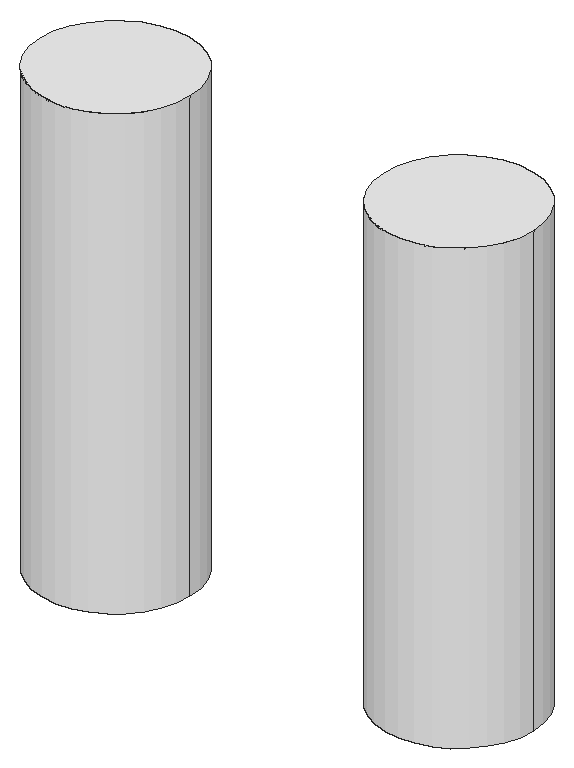
Revit family "55562203(2022)", category Plumbing Fixtures, Revit 2018
Family settings
  Round Connector Dimension = Use Diameter
  Part Type = Normal
  OmniClass Number = 23.45.55.00
  OmniClass Title = Sanitary Faucets, Wastes
  Work Plane-Based = No
  Always vertical = Yes
  Cut with Voids When Loaded = No
  Shared = No
  Room Calculation Point = No
Parameters (values of type "55562203 Kitchen faucet")
  Working Pressure = "50 - 1000 kPa"
  WarrantyStartDate [instance] = "n/a"
  WarrantyGuarantorParts = "n/a"
  WarrantyGuarantorLabor = "n/a"
  WarrantyDurationUnit = "Year"
  WarrantyDurationParts = "n/a"
  WarrantyDurationLabor = "n/a"
  WarrantyDescription = "http://warranty.hansa.com"
  Warranty Information URL = "http://warranty.hansa.com"
  VersionDate = "23/11/2022"
  Version = "1"
  ValvePattern = "n/a"
  ValveOperation = "n/a"
  ValveMechanism = "n/a"
  Uniclass2015Reference = "Pr_40_20_87_96"
  Uniclass2015Description = "Washbasin manual water supply sets"
  Uniclass2 = "Pr_40_30_96_96"
  URL REACH = "http://static.hansa.com/doc/reach"
  URL Declaration of Conformity = "http://static.hansa.com/DoC/55562203"
  URL = ""
  UNSPSC Class Number = "30181700 Faucets or taps"
  Type Comments = ""
  TestPressure = "n/a"
  Technical DataSheet URL = "http://www.hansa.com/datasheet/55562203/en"
  TagNumber [instance] = "n/a"
  SustainabilityPerformance = "n/a"
  Surface treatment = "Chrome"
  Spout Type = "Swivel spout"
  Spout Swivel Range = "120°"
  Spout Projection = "200 mm"
  Size = "105x240x310 mm"
  Shape = "Sculptured"
  SerialNumber [instance] = "n/a"
  Sales Package dimensions (LxWxH) = "450 x 270 x 85"
  Revision = "n/a"
  ReplacementCost = "n/a"
  ProductInformation = "n/a"
  Product URL = "http://static.hansa.com/55562203"
  Product Image URL = "http://static.hansa.com/image/55562203"
  Product Family = "5160 "
  Product Code = "55562203"
  OperatingMechanismMaterial = "n/a"
  NominalWidth = 104.389 mm
  NominalHeight = 310.037 mm
  NominalDepth = 236.869 mm
  Noise Class = "I (ISO 3822)"
  Name_en = "55562203 Kitchen faucet"
  Name = "55562203 Kitchen faucet"
  NBSReference = "45-35-70/371"
  NBSDescription = "Water supply fittings for wash basins and troughs"
  Mounting Holes = "1 hole"
  ModelReference = "55562203"
  ModelNumber = "n/a"
  Model = "55562203 Kitchen faucet"
  Mobile Product Information URL = "http://mpi.hansa.com/55562203"
  Mechanical Parts = "ø 35 mm ceramic cartridge for flow and temperature control"
  Max. Hot Water Supply = 70 °C
  Material = "brassPlastic"
  Market = "International;Germany"
  ManufacturerURL = "http://www.hansa.com"
  ManufacturerName = "HANSA"
  Manufacturer = "HANSA"
  Lever Handle = "Hot/Cold symbols;Single operating lever/handle"
  Keynote = ""
  Interactive AR View URL = "https://static.hansa.com/AR/55562203"
  InstallationDate [instance] = "n/a"
  Installation Type = "Deck mounted"
  InletConnectionSize = 10 mm
  IfcExportType = "FAUCET"  # constant formula
  IfcExportAs = "IfcValveType"  # constant formula
  Group = "Kitchen faucet"
  Grade = "n/a"
  FlowCoefficient = 0
  Flow Rate At 300kPa = 0.2 L/s
  Flow Drawing URL = "http://static.hansa.com/flowchart/55562203"
  Finish = "Polished"
  Features = "Single-lever, side operated"
  FaucetMainMaterial = Brass
  FDV Document URL = "http://www.hansa.com/datasheet/55562203/en/fdv"
  ExpectedLife = "n/a"
  ETIM Class Number = "EC011431 Kitchen mixing tap"
  EN Standard = "EN 817"
  EAN Number = "4057304019081"
  DurationUnit = "Year"
  Dimension Drawing URL = "http://static.hansa.com/dimdrw/55562203"
  Description = ""
  DefaultElevation [instance] = 900 mm
  Constituents = "n/a"
  Connection Size = "G3/8"
  Connection = "Flexible inlet pipes"
  Color = "Chrome"
  CodePerformance = "n/a"
  CloseOffRating = 0
  Catalog Drawing URL = "http://static.hansa.com/catdrw/55562203"
  Brand = "HANSA"
  BodyMaterial = "Brass"
  Barcode [instance] = "n/a"
  Backflow Prevention EN1717 = "AA"
  BIMObjectName = "55562203(2022)"
  Author = "BIMStone"
  AssetType = "Fixed"
  AssetIdentifier [instance] = "n/a"
  Aerator = "Standard aerator"
  Advanced Features = "Rapid installation system"
  AccessibilityPerformance = "n/a"
  3D View = "https://static.hansa.com/AR/55562203"
  2D/3D/BIM Files URL = "http://static.hansa.com/bim/55562203"
Reference planes
  plane 1 "Center (Front/Back)": y = 0
  plane 2: z = 0
  plane 3 "Center (Left/Right)": x = 0
  plane 4: x = -25
  plane 5: z = 900
  plane 6: z = 870
  plane 7: y = -236.869
  plane 8: x = 25
  plane 9: z = 1210.037
  plane 10: x = 79.389
Forms (mm)
  Extrusion 1, solid, material "Brass" <- "FaucetMainMaterial"
    sketch origin (0, -2.393, 0) x (1, 0, 0) y (0, 1, 0)
      loop
        circle (-11.5, -22.5) r 5
      loop
        circle (11.5, -22.5) r 5
    from 870 to 900
Dimensions and locks
  "DefaultElevation": plane 5 to level
  locked: plane 5 to plane 6 at 30
  "NominalDepth": plane 7 to plane 1 "Center (Front/Back)"
  equal spacing: plane 4, plane 3 "Center (Left/Right)", plane 8
  "NominalHeight": plane 9 to plane 5
  locked: plane 8 to plane 10 at 54.389
  "NominalWidth": plane 4 to plane 10
  "InletConnectionSize": diameter of Extrusion 1 sketch curve  (x2)
  aligned and locked: level to plane 2
  aligned and locked: plane 5 to Extrusion 1
  aligned and locked: Extrusion 1 to plane 6
  aligned and locked: plane 1 "Center (Front/Back)" to nested 2
  aligned and locked: plane 3 "Center (Left/Right)" to nested 2
  aligned and locked: plane 3 "Center (Left/Right)" to nested 1
  aligned and locked: plane 1 "Center (Front/Back)" to nested 1
  aligned and locked: plane 5 to nested 2
Automatic sketch dimensions
  Extrusion 1 sketch curve to plane 3 "Center (Left/Right)" = 11.5 mm
  plane 3 "Center (Left/Right)" to Extrusion 1 sketch curve = 11.5 mm
  plane 1 "Center (Front/Back)" to Extrusion 1 sketch curve = 24.893 mm  (x2)
Nested families
  nested 1: "Symbol" at (0, 0, 0), type "Symbol", detail levels coarse
  nested 2: "55562203_Body" at (0, 0, 900), Material <- "FaucetMainMaterial", type "55562203_Body"
    with Material Brass
Connectors
  piping at (-11.5, -24.893, 870), diameter 10, driven by "InletConnectionSize", driven by "Flow Rate At 300kPa"
    settings: on Extrusion 1, index 1, connector inside diameter 609.6 mm, connector length 0 mm, flow factor 0, pipe flow 0.2 L/s, pressure drop 0.0 Pa, fitting loss kfactor 0, connector angle 0.00°, fixture units 0, engagement length 0 mm, angle of deflection 0.00°, flow configuration 1, flow direction 1, fitting loss method 0, system type 19, joint type 0, gender type 0, connector reference index -1, connector utility 0, adjustable connector no, is connector primary yes, connector description ""
  piping at (11.5, -24.893, 870), diameter 10, driven by "InletConnectionSize", driven by "Flow Rate At 300kPa"
    settings: on Extrusion 1, index 2, connector inside diameter 609.6 mm, connector length 0 mm, flow factor 0, pipe flow 0.2 L/s, pressure drop 0.0 Pa, fitting loss kfactor 0, connector angle 0.00°, fixture units 0, engagement length 0 mm, angle of deflection 0.00°, flow configuration 1, flow direction 1, fitting loss method 0, system type 20, joint type 0, gender type 0, connector reference index -1, connector utility 0, adjustable connector no, is connector primary no, connector description ""
Definition of nested family "Symbol"
  Reference planes
    plane 1: y = 0
    plane 2: x = 0
  Lines and regions (mm)
    detail lines
      curve 1: line (0, 0, 0) -> (0, -1.8, 0)
      curve 2: line (-0.4, -1.1, 0) -> (0.4, -1.1, 0)
      curve 3: line (-0.4, -1.4, 0) -> (0.4, -1.4, 0)
      curve 4: line (0.863, 0, 0) -> (-0.863, 0, 0)
      curve 5: circle (-1.163, 0, 0) r 0.3 normal (0, 0, -1)
      curve 6: circle (1.163, 0, 0) r 0.3 normal (0, 0, 1)
